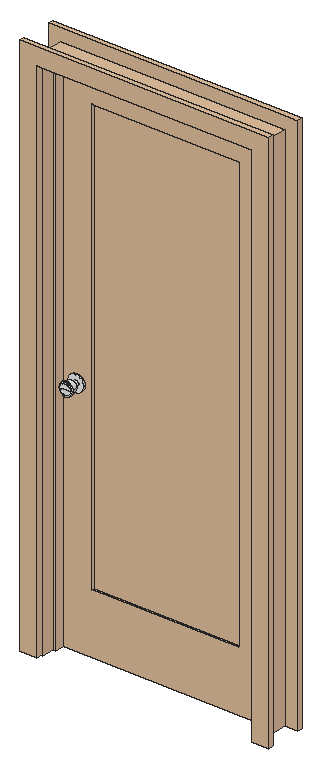
Revit family "M_Porta-Interna-Única-1_Painel-Madeira", category Portas, Revit 2019
Family settings
  Hospedeiro = Parede
  Número OmniClass = 23.30.10.00
  Título OmniClass = Doors
  Sempre na vertical = Sim
  Corte com vazios quando carregada = Não
  Compartilhado = Não
  Ponto de cálculo do ambiente = Não
Parameters
  Visual Light Transmittance = 0
  Material da apara = Cerejeira
  Corrimão superior = 120 mm
  Espessura = 35 mm
  Resistência térmica (R) = 0.455703 (m²·K)/W
  Ângulo de abertura [instance] = 90.00°
  Estilos = 120 mm
  Solar Heat Gain Coefficient = 0
  Rough Width = Width + 50 mm  # 850 mm
  Altura bruta = Altura + 25 mm  # 2025 mm
  Material do painel = Cerejeira
  Altura = 2000 mm
  Fechamento da parede = Por hospedeiro
  Width = 800 mm
  Coeficiente de transferência de calor (U) = 2.19465 W/(m²·K)
  Função = Interior
  Material da moldura = Cerejeira
  Material da maçaneta = Alumín. 1
  Corrimão inferior = 230 mm
  Código de montagem = "C1020300"
  Construção analítica = "Madeira"
Reference planes
  plane 1 "Centro (Frente/Trás)": y = 0
  plane 2 "Centro (Esquerda/Direita)": x = 0
  plane 3 "Esquerda": x = -425
  plane 4 "Direita": x = 425
  plane 5 "Superior": z = 2025
  plane 6 "Exterior": y = 53.975
  plane 7 "Interior": y = -60.325
  plane 8 "Painel esquerdo da porta": x = -400
  plane 9 "Painel direito da porta": x = 400
  plane 10 "Topo do painel": z = 2000
  plane 11: z = 0
  plane 12: z = 0
  plane 13: x = 418.65
  plane 14: y = 18.975
  plane 15: y = -15.95
  plane 16: x = 387.3
  plane 17: y = 18.975
  plane 18: z = 230
  plane 19: z = 1880
  plane 20: x = 280
  plane 21: x = -280
  plane 22: z = 1014.413
  plane 23: y = 30.642
  plane 24: y = 42.308
  plane 25: z = 914.4
Forms (mm)
  Sweep 1, solid, material "Cerejeira" <- "Material da moldura"
    path origin (0, 0, 0) x (1, 0, 0) y (0, 0, 1)
      loop
        line (425, 0) -> (425, 2025) -> (-425, 2025) -> (-425, 0)
    profile origin (425, 0, 1012.5) x (-1, 0, 0) y (0, -1, 0)
      loop
        line (25, -53.975) -> (25, -18.975) -> (37.7, -18.975) -> (37.7, 15.95) -> (25, 15.95) -> (25, 60.325) -> (0, 60.325) -> (0, -53.975) -> (25, -53.975)
  Extrusion 2, solid, material "Cerejeira" <- "Material do painel"
    sketch origin (0, 0, 0) x (1, 0, 0) y (0, 0, 1)
      loop
        line (400, 2000) -> (-400, 2000) -> (-400, 0) -> (400, 0) -> (400, 2000)
      loop
        line (280, 1880) -> (-280, 1880) -> (-280, 230) -> (280, 230) -> (280, 1880)
    from -53.975 to -18.975
  Extrusion 3, solid, material "Cerejeira" <- "Material do painel"
    sketch origin (0, 0, 0) x (1, 0, 0) y (0, 0, 1)
      loop
        line (280, 1880) -> (-280, 1880) -> (-280, 230) -> (280, 230) -> (280, 1880)
    from -42.308 to -30.642
  Sweep 4, solid, material "Cerejeira" <- "Material da apara", detail levels fine
    path origin (0, 53.975, 0) x (1, 0, 0) y (0, 0, 1)
      loop
        line (400, 0) -> (400, 2000) -> (-400, 2000) -> (-400, 0)
    profile "Perfil de caixa-plano : 20 x 65mm" origin (400, 53.975, 1000) x (-1, 0, 0) y (0, -1, 0)
      loop
        line (-6.35, -20) -> (-6.35, 0) -> (-71.35, 0) -> (-71.35, -20) -> (-6.35, -20)
  Sweep 5, solid, material "Cerejeira" <- "Material da apara", detail levels fine
    path origin (0, -60.325, 0) x (1, 0, 0) y (0, 0, 1)
      loop
        line (400, 0) -> (400, 2000) -> (-400, 2000) -> (-400, 0)
    profile "Perfil de caixa-plano : 20 x 65mm" origin (400, -60.325, 1000) x (-1, 0, 0) y (0, -1, 0)
      loop
        line (-6.35, 20) -> (-71.35, 20) -> (-71.35, 0) -> (-6.35, 0) -> (-6.35, 20)
Lines and regions (mm)
  Opening 1
    outline origin (-2286, -60.325, 0) x (1, 0, 0) y (0, 0, 1)
      loop
        line (1861, 0) -> (2711, 0) -> (2711, 2025) -> (1861, 2025) -> (1861, 0)
  Masking region 1, detail levels coarse+medium
    outline origin (0, 0, 0) x (1, 0, 0) y (0, 1, 0)
      loop
        line (-425, 53.975) -> (-425, -60.325) -> (-400, -60.325) -> (-400, 53.975) -> (-425, 53.975)
      loop
        line (425, 53.975) -> (400, 53.975) -> (400, -60.325) -> (425, -60.325) -> (425, 53.975)
  Masking region 2, detail levels fine
    outline origin (-25.4, 0, 0) x (1, 0, 0) y (0, 1, 0)
      loop
        line (-399.6, 53.975) -> (-399.6, -60.325) -> (-374.6, -60.325) -> (-374.6, -15.95) -> (-361.9, -15.95) -> (-361.9, 18.975) -> (-374.6, 18.975) -> (-374.6, 53.975) -> (-399.6, 53.975)
      loop
        line (450.4, 53.975) -> (425.4, 53.975) -> (425.4, 18.975) -> (412.7, 18.975) -> (412.7, -15.95) -> (425.4, -15.95) -> (425.4, -60.325) -> (450.4, -60.325) -> (450.4, 53.975)
  Masking region 3, detail levels fine
    outline origin (0, 0, 0) x (1, 0, 0) y (0, 1, 0)
      loop
        line (-471.35, 73.975) -> (-471.35, 53.975) -> (-406.35, 53.975) -> (-406.35, 73.975) -> (-471.35, 73.975)
      loop
        line (-471.35, -60.325) -> (-471.35, -80.325) -> (-406.35, -80.325) -> (-406.35, -60.325) -> (-471.35, -60.325)
      loop
        line (406.35, 73.975) -> (406.35, 53.975) -> (471.35, 53.975) -> (471.35, 73.975) -> (406.35, 73.975)
      loop
        line (406.35, -60.325) -> (406.35, -80.325) -> (471.35, -80.325) -> (471.35, -60.325) -> (406.35, -60.325)
  Masking region 4
    outline origin (0, 0, 0) x (0, 1, 0) y (0, 0, 1)
      loop
        line (53.975, 2025) -> (-60.325, 2025) -> (-60.325, 2018.65) -> (53.975, 2018.65) -> (53.975, 2025)
  symbolic lines, style "Giro da elevação"
    curve 1: line (-400, 53.975, 2000) -> (400, 53.975, 1000)
    curve 2: line (400, 53.975, 1000) -> (-400, 53.975, 0)
Text (mm)
  text "Exterior" at (-1904.17, 693.701, 0), in view "Nível de referência"
  text "Interior" at (-1904.17, -638.649, 0), in view "Nível de referência"
  text "Exterior" at (0, 1019.848, 3124.603), in view "Direita"
  text "Interior" at (0, -1635.541, 3124.603), in view "Direita"
  text "Interior" at (0, -787.806, 3124.376), in view "Esquerda"
  text "Exterior" at (0, 1386.095, 3124.376), in view "Esquerda"
Dimensions and locks
  equal spacing: plane 3 "Esquerda", plane 2 "Centro (Esquerda/Direita)", plane 4 "Direita"
  "Altura bruta": level to plane 5 "Superior"
  equal spacing: plane 8 "Painel esquerdo da porta", plane 2 "Centro (Esquerda/Direita)", plane 9 "Painel direito da porta"
  "Width": plane 8 "Painel esquerdo da porta" to plane 9 "Painel direito da porta"
  "Altura": level to plane 10 "Topo do painel"
  plane 11 to plane 12 = 0 mm
  locked: plane 13 to plane 4 "Direita" at 6.35
  "Espessura": plane 14 to plane 6 "Exterior"
  locked: plane 14 to plane 15 at 34.925
  locked: plane 16 to plane 9 "Painel direito da porta" at 12.7
  "Espessura": plane 6 "Exterior" to plane 17
  "Rough Width": plane 3 "Esquerda" to plane 4 "Direita"
  "Corrimão superior": plane 19 to plane 10 "Topo do painel"
  "Estilos": plane 20 to plane 9 "Painel direito da porta"
  "Estilos": plane 8 "Painel esquerdo da porta" to plane 21
  equal spacing: plane 17, plane 23, plane 24, plane 6 "Exterior"
  locked: plane 12 to plane 25 at 914.4
  equal spacing: plane 12, curve 2, plane 10 "Topo do painel"
  "Corrimão inferior": plane 18 to plane 11
  locked: Masking region 4 sketch curve to plane 5 "Superior" at 6.35
  aligned and locked: plane 3 "Esquerda" to Opening 1 sketch curve
  aligned and locked: plane 5 "Superior" to Opening 1 sketch curve  (x2)
  aligned and locked: Opening 1 sketch curve to plane 4 "Direita"
  aligned and locked: Opening 1 sketch curve to level
  aligned and locked: plane 6 "Exterior" to host wall
  aligned and locked: plane 7 "Interior" to host wall
  aligned and locked: plane 5 "Superior" to Sweep 1 sketch curve
  aligned and locked: plane 4 "Direita" to Sweep 1 sketch curve
  aligned and locked: Sweep 1 sketch curve to plane 3 "Esquerda"
  aligned and locked: plane 11 to level
  aligned and locked: plane 11 to Sweep 1 sketch curve  (x2)
  aligned and locked: Sweep 1 sketch curve to plane 9 "Painel direito da porta"
  aligned and locked: Sweep 1 sketch curve to host wall
  aligned and locked: Sweep 1 sketch curve to plane 7 "Interior"
  aligned and locked: Sweep 1 sketch curve to plane 15
  aligned and locked: Sweep 1 sketch curve to plane 16
  aligned and locked: plane 14 to Sweep 1 sketch curve
  aligned and locked: Extrusion 2 sketch curve to plane 10 "Topo do painel"
  aligned and locked: Extrusion 2 sketch curve to plane 8 "Painel esquerdo da porta"
  aligned and locked: plane 9 "Painel direito da porta" to Extrusion 2 sketch curve
  aligned and locked: Extrusion 2 sketch curve to plane 12
  aligned and locked: Extrusion 2 to plane 17
  aligned and locked: Extrusion 2 to plane 6 "Exterior"
  aligned and locked: Extrusion 2 sketch curve to plane 19
  aligned and locked: Extrusion 2 sketch curve to plane 21
  aligned and locked: plane 20 to Extrusion 2 sketch curve
  aligned and locked: plane 18 to Extrusion 2 sketch curve
  aligned and locked: Extrusion 3 sketch curve to plane 19
  aligned and locked: plane 20 to Extrusion 3 sketch curve
  aligned and locked: Extrusion 3 sketch curve to plane 21
  aligned and locked: plane 18 to Extrusion 3 sketch curve
  aligned and locked: plane 24 to Extrusion 3
  aligned and locked: Extrusion 3 to plane 23
  aligned and locked: nested 1 to plane 9 "Painel direito da porta"
  aligned and locked: plane 6 "Exterior" to nested 1
  aligned and locked: nested 2 to plane 8 "Painel esquerdo da porta"
  aligned and locked: plane 6 "Exterior" to nested 2
  aligned and locked: plane 8 "Painel esquerdo da porta" to nested 3
  aligned and locked: nested 3 to plane 17
  aligned and locked: plane 9 "Painel direito da porta" to Sweep 4 sketch curve
  aligned and locked: Sweep 4 sketch curve to plane 8 "Painel esquerdo da porta"
  aligned and locked: Sweep 4 sketch curve to plane 10 "Topo do painel"
  aligned and locked: Sweep 5 sketch curve to plane 9 "Painel direito da porta"
  aligned and locked: plane 10 "Topo do painel" to Sweep 5 sketch curve
  aligned and locked: plane 8 "Painel esquerdo da porta" to Sweep 5 sketch curve
  aligned and locked: Masking region 1 sketch curve to plane 3 "Esquerda"
  aligned and locked: plane 8 "Painel esquerdo da porta" to Masking region 1 sketch curve
  aligned and locked: Masking region 1 sketch curve to plane 7 "Interior"
  aligned and locked: plane 6 "Exterior" to Masking region 1 sketch curve
  aligned and locked: plane 9 "Painel direito da porta" to Masking region 1 sketch curve
  aligned and locked: Masking region 1 sketch curve to plane 4 "Direita"
  aligned and locked: plane 7 "Interior" to Masking region 1 sketch curve
  aligned and locked: Masking region 1 sketch curve to plane 6 "Exterior"
  aligned and locked: plane 11 to Sweep 4 sketch curve  (x2)
  aligned and locked: plane 11 to Sweep 5 sketch curve  (x2)
  aligned and locked: plane 8 "Painel esquerdo da porta" to Masking region 2 sketch curve
  aligned and locked: Masking region 2 sketch curve to plane 3 "Esquerda"
  aligned and locked: Masking region 2 sketch curve to plane 7 "Interior"
  aligned and locked: plane 6 "Exterior" to Masking region 2 sketch curve
  aligned and locked: Masking region 2 sketch curve to nested 2  (x2)
  aligned and locked: Masking region 2 sketch curve to Sweep 1  (x3)
  aligned and locked: Masking region 3 sketch curve to Sweep 4  (x6)
  aligned and locked: Masking region 3 sketch curve to plane 6 "Exterior"  (x2)
  aligned and locked: plane 7 "Interior" to Masking region 3 sketch curve  (x2)
  aligned and locked: Masking region 3 sketch curve to Sweep 5  (x6)
  aligned and locked: Masking region 2 sketch curve to plane 4 "Direita"
  aligned and locked: plane 9 "Painel direito da porta" to Masking region 2 sketch curve  (x3)
  aligned and locked: plane 17 to Masking region 2 sketch curve
  aligned and locked: Sweep 1 to Masking region 2 sketch curve
  aligned and locked: Sweep 1 sketch curve to profile plane
  aligned and locked: plane 5 "Superior" to Masking region 4 sketch curve
  aligned and locked: plane 6 "Exterior" to Masking region 4 sketch curve
  aligned and locked: Masking region 4 sketch curve to plane 7 "Interior"
Automatic sketch dimensions
  plane 16 to Sweep 1 sketch curve = 12.7 mm
  curve 2 to level = 0 mm
  curve 2 to plane 8 "Painel esquerdo da porta" = 0 mm
  curve 1 to plane 8 "Painel esquerdo da porta" = 0 mm
  curve 2 to plane 9 "Painel direito da porta" = 0 mm
  curve 1 to plane 10 "Topo do painel" = 0 mm
  Masking region 2 sketch curve to host wall = 0 mm  (x2)
  Masking region 2 sketch curve to plane 17 = 0 mm
Nested families
  nested 1: "Porta com abertura única" at (400, 53.975, 0), Ângulo de abertura <- "Ângulo de abertura", type "Único"
    with Abertura visível yes, Ângulo de abertura 90.00°, Ângulo real 90.00°, Width 800 mm, Espessura 35 mm
  nested 2: "M_Maçaneta residencial" at (-400, 53.975, 914.4), type "Padrão", detail levels fine
  nested 3: "M_Maçaneta residencial" at (-400, 18.975, 914.4), type "Padrão", detail levels fine
Definition of nested family "M_Maçaneta residencial"
  Parameters (values of type "Padrão")
    Manufacturer = ""
    Material = none
    Handle Z Distance = 0 mm
    Handle X Distance = 65 mm
    Analytic Construction = "<Nenhum>"
  Reference planes
    plane 1 "Centro (Frente/Trás)": y = 0
    plane 2: z = 0
    plane 3 "Centro (Esquerda/Direita)": x = 0
    plane 4: z = 0
    plane 5: x = 65
  Forms (mm)
    Extrusion 1, solid, material <- "Material"
      sketch origin (0, 0, 0) x (1, 0, 0) y (0, 0, 1)
        loop
          circle (65, 0) r 30
      from 0 to -6
    Revolve 2, solid, material <- "Material"
      sketch origin (0, 0, 0) x (0, -1, 0) y (1, 0, 0)
        loop
          line (-25, 55) -> (-6, 55) -> (-6, 65) -> (-55, 65) -> (-55, 44.524) -> (-53.172, 40) -> (-49.708, 40) -> (-25, 46.364) -> (-25, 55)
        axis (-6, 65) -> (-55, 65)
      angle from 0 to 360
  Dimensions and locks
    "Handle Z Distance": plane 4 to level
    "Handle X Distance": plane 5 to plane 3 "Centro (Esquerda/Direita)"
  Automatic sketch dimensions
    Extrusion 1 sketch curve to plane 4 = 0 mm
    Extrusion 1 sketch curve to plane 5 = 0 mm
    Revolve 2 sketch curve to plane 5 = 0 mm  (x2)
    Revolve 2 sketch curve to plane 1 "Centro (Frente/Trás)" = 66 mm
    Revolve 2 sketch curve to Revolve 2 sketch curve = 11 mm
    Revolve 2 sketch curve to Revolve 2 sketch curve = 1.828 mm
    Revolve 2 sketch curve to Revolve 2 sketch curve = 3.464 mm
    Revolve 2 sketch curve to plane 1 "Centro (Frente/Trás)" = 25 mm
    Revolve 2 sketch curve to plane 1 "Centro (Frente/Trás)" = 6 mm
    Revolve 2 sketch curve to Revolve 2 sketch curve = 0 mm
    Revolve 2 sketch curve to Revolve 2 sketch curve = 10 mm
    Revolve 2 sketch curve to Revolve 2 sketch curve = 8.636 mm
    Revolve 2 sketch curve to Revolve 2 sketch curve = 20.476 mm
    Revolve 2 sketch curve to Revolve 2 sketch curve = 4.524 mm
    radius of Extrusion 1 sketch curve = 30 mm
Definition of nested family "Porta com abertura única"
  Parameters (values of type "Único")
    Width = 900 mm
    Thickness = 45 mm
    Abertura visível [instance] = Ângulo de abertura > 1.00°  # yes
    Ângulo de abertura [instance] = 45.00°
    Assembly Code = ""
    Analytic Construction = "<Nenhum>"
    Ângulo real [instance] = if(Ângulo de abertura < 1.00°, 1.00°, Ângulo de abertura)  # 45.00°
  Reference planes
    plane 1 "Centro (Frente/Trás)": y = 0
    plane 2: z = 0
    plane 3 "Centro (Esquerda/Direita)": x = 0
    plane 4: x = -900
  Lines and regions (mm)
    Masking region 1
      outline origin (0, 0, 0) x (-0.707107, 0.707107, 0) y (-0.707107, -0.707107, 0)
        loop
          line (0, 0) -> (900, 0) -> (900, 45) -> (0, 45) -> (0, 0)
    symbolic lines
      curve 1: line (0, 0, 0) -> (-900, 0, 0)
    symbolic lines, visible <- "Abertura visível"
      curve 2: arc (-900, 0, 0) -> (-831.492, 344.415, 0) -> (-636.396, 636.396, 0) r 900
    reference lines
      curve 3: line (0, 0, 0) -> (-636.396, 636.396, 0)
    model lines
      curve 4: line (0, 0, 0) -> (0, 0, 25.4)
  Dimensions and locks
    "Width": plane 4 to plane 3 "Centro (Esquerda/Direita)"
    locked: curve 2 to plane 3 "Centro (Esquerda/Direita)"
    locked: curve 2 to plane 1 "Centro (Frente/Trás)"
    "Width": curve 3 to curve 3
    "Thickness": Masking region 1 sketch curve to Masking region 1 sketch curve
    locked: curve 4 to plane 2 at 25.4
    "Width": radius of curve 2
    "Ângulo real": angle curve 2 to curve 2
    "Ângulo de abertura": angle curve 3 to plane 1 "Centro (Frente/Trás)"
    aligned and locked: curve 1 to plane 1 "Centro (Frente/Trás)"
    aligned and locked: plane 3 "Centro (Esquerda/Direita)" to curve 1
    aligned and locked: plane 3 "Centro (Esquerda/Direita)" to curve 3
    aligned and locked: plane 1 "Centro (Frente/Trás)" to curve 3
    aligned and locked: curve 3 to Masking region 1 sketch curve
    aligned and locked: Masking region 1 sketch curve to curve 3  (x2)
    aligned and locked: plane 3 "Centro (Esquerda/Direita)" to curve 4
    aligned and locked: plane 2 to curve 4
Types in the file's own list only (39): name | Transmissão de luz visual | Resistência térmica (R) | Estilos | Coeficiente de ganho de calor solar | Largura bruta | Altura bruta | Altura | Largura | Coeficiente de transferência de calor (U)
  300 x 2000mm | 0 | 0.4557 (m²·K)/W | 60 mm | 0 | 350 mm | 2025 mm | 2000 mm | 300 mm | 2.1946 W/(m²·K)
  350 x 2000mm | 0 | 0.4557 (m²·K)/W | 60 mm | 0 | 400 mm | 2025 mm | 2000 mm | 350 mm | 2.1946 W/(m²·K)
  400 x 2000mm | 0 | 0.4557 (m²·K)/W | 60 mm | 0 | 450 mm | 2025 mm | 2000 mm | 400 mm | 2.1946 W/(m²·K)
  450 x 2000mm | 0 | 0.4557 (m²·K)/W | 120 mm | 0 | 500 mm | 2025 mm | 2000 mm | 450 mm | 2.1946 W/(m²·K)
  500 x 2000mm | 0 | 0.4557 (m²·K)/W | 120 mm | 0 | 550 mm | 2025 mm | 2000 mm | 500 mm | 2.1946 W/(m²·K)
  550 x 2000mm | 0 | 0.4557 (m²·K)/W | 120 mm | 0 | 600 mm | 2025 mm | 2000 mm | 550 mm | 2.1946 W/(m²·K)
  600 x 2000mm | 0 | 0.4557 (m²·K)/W | 120 mm | 0 | 650 mm | 2025 mm | 2000 mm | 600 mm | 2.1946 W/(m²·K)
  650 x 2000mm | 0 | 0.4557 (m²·K)/W | 120 mm | 0 | 700 mm | 2025 mm | 2000 mm | 650 mm | 2.1946 W/(m²·K)
  700 x 2000mm | 0 | 0.4557 (m²·K)/W | 120 mm | 0 | 750 mm | 2025 mm | 2000 mm | 700 mm | 2.1946 W/(m²·K)
  750 x 2000mm | 0 | 0.4557 (m²·K)/W | 120 mm | 0 | 800 mm | 2025 mm | 2000 mm | 750 mm | 2.1946 W/(m²·K)
  800 x 2000mm | 0 | 0.4557 (m²·K)/W | 120 mm | 0 | 850 mm | 2025 mm | 2000 mm | 800 mm | 2.1946 W/(m²·K)
  850 x 2000mm | 0 | 0.4557 (m²·K)/W | 120 mm | 0 | 900 mm | 2025 mm | 2000 mm | 850 mm | 2.1946 W/(m²·K)
  900 x 2000mm | 0 | 0.4557 (m²·K)/W | 120 mm | 0 | 950 mm | 2025 mm | 2000 mm | 900 mm | 2.1946 W/(m²·K)
  300 x 2100mm | 0 | 0.4557 (m²·K)/W | 60 mm | 0 | 350 mm | 2125 mm | 2100 mm | 300 mm | 2.1946 W/(m²·K)
  350 x 2100mm | 0 | 0.4557 (m²·K)/W | 60 mm | 0 | 400 mm | 2125 mm | 2100 mm | 350 mm | 2.1946 W/(m²·K)
  400 x 2100mm | 0 | 0.4557 (m²·K)/W | 60 mm | 0 | 450 mm | 2125 mm | 2100 mm | 400 mm | 2.1946 W/(m²·K)
  450 x 2100mm | 0 | 0.4557 (m²·K)/W | 120 mm | 0 | 500 mm | 2125 mm | 2100 mm | 450 mm | 2.1946 W/(m²·K)
  500 x 2100mm | 0 | 0.4557 (m²·K)/W | 120 mm | 0 | 550 mm | 2125 mm | 2100 mm | 500 mm | 2.1946 W/(m²·K)
  550 x 2100mm | 0 | 0.4557 (m²·K)/W | 120 mm | 0 | 600 mm | 2125 mm | 2100 mm | 550 mm | 2.1946 W/(m²·K)
  600 x 2100mm | 0 | 0.4557 (m²·K)/W | 120 mm | 0 | 650 mm | 2125 mm | 2100 mm | 600 mm | 2.1946 W/(m²·K)
  650 x 2100mm | 0 | 0.4557 (m²·K)/W | 120 mm | 0 | 700 mm | 2125 mm | 2100 mm | 650 mm | 2.1946 W/(m²·K)
  700 x 2100mm | 0 | 0.4557 (m²·K)/W | 120 mm | 0 | 750 mm | 2125 mm | 2100 mm | 700 mm | 2.1946 W/(m²·K)
  750 x 2100mm | 0 | 0.4557 (m²·K)/W | 120 mm | 0 | 800 mm | 2125 mm | 2100 mm | 750 mm | 2.1946 W/(m²·K)
  800 x 2100mm | 0 | 0.4557 (m²·K)/W | 120 mm | 0 | 850 mm | 2125 mm | 2100 mm | 800 mm | 2.1946 W/(m²·K)
  850 x 2100mm | 0 | 0.4557 (m²·K)/W | 120 mm | 0 | 900 mm | 2125 mm | 2100 mm | 850 mm | 2.1946 W/(m²·K)
  900 x 2100mm | 0 | 0.4557 (m²·K)/W | 120 mm | 0 | 950 mm | 2125 mm | 2100 mm | 900 mm | 2.1946 W/(m²·K)
  300 x 2400mm | 0 | 0.4557 (m²·K)/W | 60 mm | 0 | 350 mm | 2425 mm | 2400 mm | 300 mm | 2.1946 W/(m²·K)
  350 x 2400mm | 0 | 0.4557 (m²·K)/W | 60 mm | 0 | 400 mm | 2425 mm | 2400 mm | 350 mm | 2.1946 W/(m²·K)
  400 x 2400mm | 0 | 0.4557 (m²·K)/W | 60 mm | 0 | 450 mm | 2425 mm | 2400 mm | 400 mm | 2.1946 W/(m²·K)
  450 x 2400mm | 0 | 0.4557 (m²·K)/W | 120 mm | 0 | 500 mm | 2425 mm | 2400 mm | 450 mm | 2.1946 W/(m²·K)
  500 x 2400mm | 0 | 0.4557 (m²·K)/W | 120 mm | 0 | 550 mm | 2425 mm | 2400 mm | 500 mm | 2.1946 W/(m²·K)
  550 x 2400mm | 0 | 0.4557 (m²·K)/W | 120 mm | 0 | 600 mm | 2425 mm | 2400 mm | 550 mm | 2.1946 W/(m²·K)
  600 x 2400mm | 0 | 0.4557 (m²·K)/W | 120 mm | 0 | 650 mm | 2425 mm | 2400 mm | 600 mm | 2.1946 W/(m²·K)
  650 x 2400mm | 0 | 0.4557 (m²·K)/W | 120 mm | 0 | 700 mm | 2425 mm | 2400 mm | 650 mm | 2.1946 W/(m²·K)
  700 x 2400mm | 0 | 0.4557 (m²·K)/W | 120 mm | 0 | 750 mm | 2425 mm | 2400 mm | 700 mm | 2.1946 W/(m²·K)
  750 x 2400mm | 0 | 0.4557 (m²·K)/W | 120 mm | 0 | 800 mm | 2425 mm | 2400 mm | 750 mm | 2.1946 W/(m²·K)
  800 x 2400mm | 0 | 0.4557 (m²·K)/W | 120 mm | 0 | 850 mm | 2425 mm | 2400 mm | 800 mm | 2.1946 W/(m²·K)
  850 x 2400mm | 0 | 0.4557 (m²·K)/W | 120 mm | 0 | 900 mm | 2425 mm | 2400 mm | 850 mm | 2.1946 W/(m²·K)
  900 x 2400mm | 0 | 0.4557 (m²·K)/W | 120 mm | 0 | 950 mm | 2425 mm | 2400 mm | 900 mm | 2.1946 W/(m²·K)
